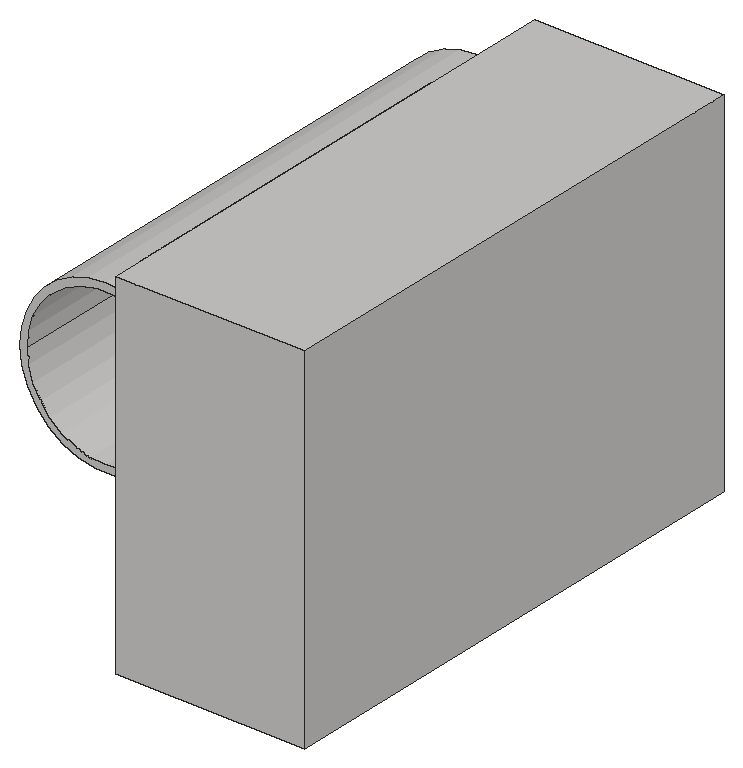
Revit family
Parameters
  Unit Weight = "19.0 lbs"
  URL = "http://www.titus-hvac.com/"
  Static Pressure [instance] = 0.00 in-wg
  Nominal Width = 1' - 1"
  Nominal Length = 1' - 8"
  Nominal Inlet Size = 0' - 6"
  Nominal Inlet Length = 1' - 4"
  Nominal Height = 1' - 0 1/4"
  Model = "DECV"
  Min. Air Flow = 0 CFM
  Max. Air Flow = 500 CFM
  Material = Steel
  Manufacturer = "Titus"
  Inlet Radius = 0' - 2 15/16"
  Inlet Opening Radius = 0' - 2 11/16"
  Inlet Offset = 0' - 2"
  Inlet Extrusion Radius = 0' - 2 15/16"
  Inlet Diameter = 0' - 5 7/8"
  Inlet = Duct D / 2  # 0' - 2 15/16"
  Duct D = 0' - 5 7/8"
  Design Air Flow [instance] = 0 CFM
  Description = "Digital Control Terminal Unit, Retrofit, Variable Volume"
  Control Box Offset = 0' - 3 9/16"
  CADworks URL = "www.CADworks.net"
  Assembly Code = "D3040100"
Reference planes (in)
  plane 1 "Center (Front/Back)": y = 0
  plane 2: z = 0
  plane 3 "Center (Left/Right)": x = 0
  plane 4: y = 6
  plane 5: y = 8
  plane 6: y = -8
  plane 7: x = 3.5625
  plane 8: y = -12
  plane 9: z = 6.125
  plane 10: z = -6.125
  plane 11: x = 10.0625
  plane 12: x = -2.9375
Forms (in)
  Extrusion 1, solid, material "Steel" <- "Material"
    sketch origin (0, -8.5, 0) x (1, 0, 0) y (0, 0, 1)
      loop
        circle (0, 0) r 2.9375
    from -16.5 to -0.5
  Extrusion 2, solid, material "Steel" <- "Material"
    sketch origin (4.29125, 6, 3.56775) x (1, 0, 0) y (0, 0, 1)
      loop
        line (-0.72875, 2.55725) -> (-0.72875, -9.69275) -> (5.77125, -9.69275) -> (5.77125, 2.55725) -> (-0.72875, 2.55725)
    from 0 to 18
  Extrusion 3, solid, material "Steel" <- "Material"
    sketch origin (0, 10, 0) x (-1, 0, 0) y (0, 0, -1)
      loop
        line (-3.5625, 2.9375) -> (-3.5625, -2.9375) -> (0, -2.9375)
        arc (0, -2.9375) -> (-2.9375, 0) -> (0, 2.9375) r 2.9375
        line (0, 2.9375) -> (-3.5625, 2.9375)
    from 4 to 16.5
  Extrusion 4, void
    sketch origin (0, -8, 0) x (1, 0, 0) y (0, 0, -1)
      loop
        circle (0, 0) r 2.6875
    from 0 to 24
Cuts and joins
  Extrusion 4 cuts Extrusion 1
  Extrusion 4 cuts Extrusion 3
Dimensions and locks (in)
  "Inlet Offset": plane 5 to plane 4
  locked: cut or joined group of Extrusion 1, Extrusion 4 to plane 5 at 0
  "Nominal Inlet Length": cut or joined group of Extrusion 1, Extrusion 4 to cut or joined group of Extrusion 1, Extrusion 4
  equal spacing: cut or joined group of Extrusion 1, Extrusion 4, plane 1 "Center (Front/Back)", cut or joined group of Extrusion 1, Extrusion 4
  "Nominal Inlet Length": plane 6 to plane 5
  equal spacing: plane 6, plane 1 "Center (Front/Back)", plane 5
  locked: Extrusion 2 to Extrusion 2 at 18
  locked: Extrusion 2 sketch curve to Extrusion 2 sketch curve at 6.5
  locked: Extrusion 2 sketch curve to Extrusion 2 sketch curve at 12.25
  Extrusion 2 sketch curve to Extrusion 2 sketch curve = 1' - 0 1/4"
  "Inlet Diameter": Extrusion 3 sketch curve to Extrusion 3 sketch curve
  locked: Extrusion 1 sketch curve to level at 0
  locked: Extrusion 1 sketch curve to plane 3 "Center (Left/Right)" at 0
  "Control Box Offset": plane 7 to plane 3 "Center (Left/Right)"
  "Control Box Offset": plane 3 "Center (Left/Right)" to plane 7
  locked: plane 6 to cut or joined group of Extrusion 3, Extrusion 4 at 1.5
  locked: cut or joined group of Extrusion 3, Extrusion 4 to plane 4 at 0
  equal spacing: cut or joined group of Extrusion 3, Extrusion 4, level, cut or joined group of Extrusion 3, Extrusion 4
  "Inlet Radius": radius of Extrusion 1 sketch curve
  "Inlet Extrusion Radius": radius of Extrusion 3 sketch curve
  "Inlet Opening Radius": radius of Extrusion 4 sketch curve
  aligned and locked: plane 9 to Extrusion 2
  aligned and locked: plane 10 to Extrusion 2
  aligned and locked: plane 3 "Center (Left/Right)" to Extrusion 3 sketch curve
  aligned and locked: plane 3 "Center (Left/Right)" to connector elem
  aligned and locked: connector elem to plane 3 "Center (Left/Right)"
  aligned and locked: plane 3 "Center (Left/Right)" to cut or joined group of Extrusion 3, Extrusion 4  (x3)
  aligned and locked: Extrusion 2 to plane 7
  aligned and locked: plane 7 to cut or joined group of Extrusion 3, Extrusion 4
  aligned and locked: cut or joined group of Extrusion 3, Extrusion 4 to Extrusion 2
Automatic sketch dimensions
  plane 7 to Extrusion 2 sketch curve = 0' - 0"
  Extrusion 2 sketch curve to level = 0' - 6 1/8"
  Extrusion 3 sketch curve to plane 7 = 0' - 0"
  Extrusion 3 sketch curve to level = 0' - 0"
Connectors (in)
  hvac at (0, -8, 0), driven by "Design Air Flow", driven by "Inlet", driven by "Static Pressure"
    settings: on cut or joined group of Extrusion 1, Extrusion 4, index 1
  hvac at (0, 8, 0), driven by "Static Pressure", driven by "Design Air Flow", driven by "Inlet"
    settings: on cut or joined group of Extrusion 1, Extrusion 4, index 2
